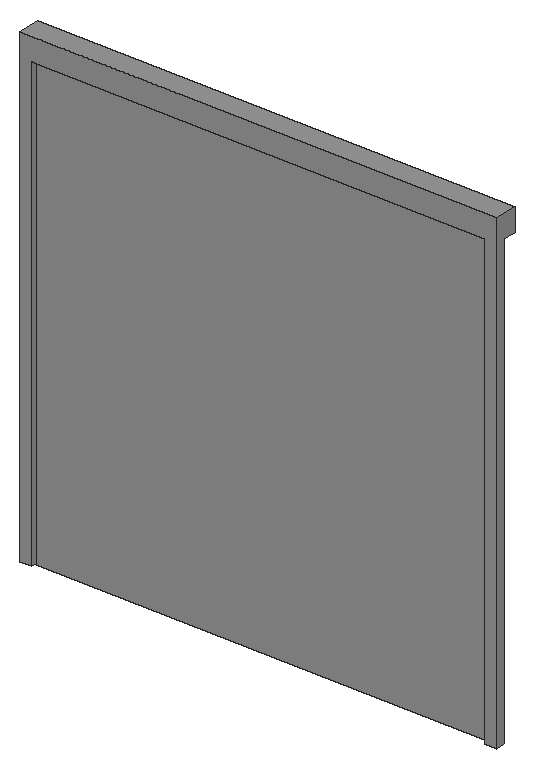
Revit family "protivipozarnae_stora_firetechnics_ei60_120_c_oracheniem_vodoi", category Двери, Revit 2018
Family settings
  Основа = Стена
  Номер OmniClass = 23.30.10.00
  Заголовок OmniClass = Doors
  Всегда вертикально = Да
  При загрузке вырезать с полостями = Нет
  Общий = Нет
  Точка расчета площади = Нет
Parameters (values of type "EI180 (с орошением водой)")
  ширина полотна = Width + 20 mm  # 3020 mm
  ширина верхней балки = 150 mm
  Материал_Лаза = Материал двери-лазейки
  высота направляющей = 60 mm
  Ширина, макс. = "5м"  # constant formula
  Ширина направляющей = 80 mm
  Функция = Внутренние слои
  Скорость опускания шторы = "0,15м/c"  # constant formula
  Разработано = "support@bimlib.ru"  # constant formula
  Полотно_Размещение = высота направляющей / 2  # 30 mm
  Полотно открыто [instance] = yes
  Полотно = 1 mm
  Огнестойкость = "EI180"
  Материал_Полотно = Firetex™ 1100
  Материал_Направляющие = Сталь_оцинкованная_листовая Firetechnics
  Материал_Короб = Сталь_оцинкованная_листовая_2мм_Firetechnics
  Лазейка [instance] = no
  Комментарии к типоразмеру = "Без орошения водой"
  Изготовитель = "Firetechnics"  # constant formula
  Высота, макс. = "6.5м"  # constant formula
  Высота лазейки [instance] = if(Полотно открыто, Height + Высота короба - 32 mm, 1 mm)  # 3118 mm
  Высота короба = 150 mm
  Height = ADSK_Размер_Высота  # 3000 mm
  Замыкание стены = По основе
  Width = ADSK_Размер_Ширина  # 3000 mm
  Видимость [instance] = and(Полотно открыто)  # yes
  Аналитическая конструкция = "<Нет>"
  URL = "https://www.fire-tec.ru"
  ADSK_Размер_Ширина = 3000 mm
  ADSK_Размер_Высота = 3000 mm
  ADSK_Примечание [instance] = ""
  ADSK_Предел огнестойкости = "EI180"
  ADSK_Позиция [instance] = ""
  ADSK_Обозначение = ""
  ADSK_Наименование = "Противопожарная штора FireTechnics EI180 (с орошением водой)"
  ADSK_Масса_Текст = ""
  ADSK_Завод-изготовитель = Изготовитель  # "Firetechnics"
  ADSK_Единица измерения = ""
  ADSK_URL страницы изделия = "https://www.fire-tec.ru/catalog/protivopozharnye-shtory/protivopozharnye-shtory-ei-60-ei-90-ei-120-bez-orosheniya/"
  ADSK_URL документации изделия = ""
Types (3, lengths in mm): name | Материал_Лаза | Полотно открыто | Огнестойкость | Высота лазейки | Видимость | ADSK_Предел огнестойкости | ADSK_Наименование
  EI60 (с орошением водой) | Материал двери-лазейки | no | "EI60" | 1 | no | "EI60" | "Противопожарная штора FireTechnics EI60 (с орошением водой)"
  EI120 (с орошением водой) | none | no | "EI120" | 1 | no | "EI120" | "Противопожарная штора FireTechnics EI120 (с орошением водой)"
  EI180 (с орошением водой) | Материал двери-лазейки | yes | "EI180" | 3118 | yes | "EI180" | "Противопожарная штора FireTechnics EI180 (с орошением водой)"
Reference planes
  plane 1: y = 0
  plane 2 "По центру (Влево/Вправо)": x = 0
  plane 3 "Слева": x = -1500
  plane 4 "Справа": x = 1500
  plane 5: z = 3000
  plane 6 "Наружный": y = 75
  plane 7 "Внутренние": y = -75
  plane 8: x = -1580
  plane 9: x = 1580
  plane 10: y = 135
  plane 11: y = 225
  plane 12: y = 106
  plane 13: y = 105
  plane 14: x = 1510
  plane 15: x = -1510
  plane 16: z = 3150
  plane 17: x = 10
  plane 18: x = -10
  plane 19: z = 0.483
  plane 20: z = 3118.483
Forms (mm)
  Extrusion 1, solid, material "Сталь_оцинкованная_листовая Firetechnics" <- "Материал_Направляющие"
    sketch origin (0, 0, 0) x (1, 0, 0) y (0, 1, 0)
      loop
        line (-1500, 106) -> (-1500, 135) -> (-1580, 135) -> (-1580, 75) -> (-1500, 75) -> (-1500, 105) -> (-1510, 105) -> (-1510, 106) -> (-1500, 106)
    from 0 to 3000
  Extrusion 2, solid, material "Сталь_оцинкованная_листовая Firetechnics" <- "Материал_Направляющие"
    sketch origin (0, 0, 0) x (-1, 0, 0) y (0, -1, 0)
      loop
        line (-1500, -106) -> (-1510, -106) -> (-1510, -105) -> (-1500, -105) -> (-1500, -75) -> (-1580, -75) -> (-1580, -135) -> (-1500, -135) -> (-1500, -106)
    from 0 to 3000
  Extrusion 3, void
    sketch origin (0, 0, 0) x (1, 0, 0) y (0, 1, 0)
      loop
        line (-1500, -75) -> (1500, -75) -> (1500, 75) -> (1735, 75) -> (1735, 225) -> (-1685, 225) -> (-1685, 75) -> (-1500, 75) -> (-1500, -75)
    from 0 to 3000
  Extrusion 4, solid, material "Firetex™ 1100" <- "Материал_Полотно", visible <- "Полотно открыто"
    sketch origin (0, 0, 0) x (1, 0, 0) y (0, 1, 0)
      loop
        line (-1510, 106) -> (-1510, 105) -> (1510, 105) -> (1510, 106) -> (-1510, 106)
    from 0 to 3000
  Extrusion 5, solid, material "Сталь_оцинкованная_листовая Firetechnics" <- "Материал_Направляющие"
    sketch origin (0, 0, 0) x (1, 0, 0) y (0, 1, 0)
      loop
        line (-1580, 225) -> (-1580, 75) -> (1580, 75) -> (1580, 225) -> (-1580, 225)
    from 3000 to 3150
  Extrusion 6, solid, material "Материал двери-лазейки" <- "Материал_Лаза", visible <- "Лазейка"
    sketch origin (0, 75, 0) x (1, 0, 0) y (0, 0, 1)
      loop
        line (10, 3118.483) -> (-10, 3118.483) -> (-10, 0.483) -> (10, 0.483) -> (10, 3118.483)
    from -31.667 to -29.238
Cuts and joins
  joined: Extrusion 1, Extrusion 2, Extrusion 5
Lines and regions (mm)
  symbolic lines, style "Doors"
    curve 1: line (-1510, 135, 0) -> (-1510, 75, 0)
    curve 2: line (1510, 135, 0) -> (1510, 75, 0)
    curve 3: line (-1510, 106, 0) -> (1510, 106, 0)
Text (mm)
  text "Наружный" at (-2295.016, 1099.543, 0), in view "Опорный уровень"
  text "Наружный" at (0, 1615.38, 3698.081), in view "Слева"
  text "Наружный" at (0, 1036.032, 3874.932), in view "Справа"
Dimensions and locks
  equal spacing: plane 3 "Слева", plane 2 "По центру (Влево/Вправо)", plane 4 "Справа"
  "Width": plane 3 "Слева" to plane 4 "Справа"
  "Height": plane 5 to host wall
  host wall to plane 5 = 3000 mm  (x2)
  locked: plane 6 "Наружный" to host wall at 0
  locked: plane 7 "Внутренние" to host wall
  "Высота короба": plane 5 to plane 16
  "Ширина направляющей": plane 8 to plane 3 "Слева"
  "Ширина направляющей": plane 4 "Справа" to plane 9
  "Полотно_Размещение": plane 6 "Наружный" to plane 13
  "Полотно": plane 12 to plane 13
  "высота направляющей": plane 6 "Наружный" to plane 10
  "ширина верхней балки": plane 6 "Наружный" to plane 11
  equal spacing: plane 15, plane 2 "По центру (Влево/Вправо)", plane 14
  "ширина полотна": plane 15 to plane 14
  equal spacing: plane 17, plane 2 "По центру (Влево/Вправо)", plane 18
  locked: plane 18 to plane 17 at 20
  locked: Extrusion 6 to plane 12 at 0.667
  locked: Extrusion 6 to plane 13 at 0.762
  locked: plane 20 to plane 16 at 31.517
  "Высота лазейки": plane 19 to plane 20
  aligned and locked: host wall to plane 1
  aligned and locked: Extrusion 1 sketch curve to plane 12
  aligned and locked: plane 13 to Extrusion 1 sketch curve
  aligned and locked: plane 10 to Extrusion 1 sketch curve
  aligned and locked: Extrusion 1 sketch curve to plane 3 "Слева"  (x2)
  aligned and locked: Extrusion 1 sketch curve to plane 8
  aligned and locked: plane 6 "Наружный" to Extrusion 1 sketch curve
  aligned and locked: plane 10 to Extrusion 2 sketch curve
  aligned and locked: Extrusion 2 sketch curve to plane 4 "Справа"  (x2)
  aligned and locked: Extrusion 2 sketch curve to plane 12
  aligned and locked: plane 13 to Extrusion 2 sketch curve
  aligned and locked: Extrusion 2 sketch curve to plane 9
  aligned and locked: Extrusion 2 sketch curve to plane 6 "Наружный"
  aligned and locked: plane 15 to Extrusion 1 sketch curve
  aligned and locked: Extrusion 2 to plane 14
  aligned and locked: Extrusion 3 sketch curve to Extrusion 1
  aligned and locked: Extrusion 3 sketch curve to host wall
  aligned and locked: plane 4 "Справа" to Extrusion 3 sketch curve
  aligned and locked: Extrusion 3 to plane 5
  aligned and locked: Extrusion 4 sketch curve to Extrusion 1
  aligned and locked: plane 15 to Extrusion 4 sketch curve
  aligned and locked: Extrusion 4 sketch curve to Extrusion 2  (x2)
  aligned and locked: Extrusion 2 to plane 5
  aligned and locked: Extrusion 1 to plane 5
  aligned and locked: Extrusion 5 to plane 16
  aligned and locked: Extrusion 4 to plane 5
  aligned and locked: plane 5 to Extrusion 5
  aligned and locked: plane 9 to Extrusion 5
  aligned and locked: Extrusion 5 to plane 8
  aligned and locked: curve 3 to plane 12
  aligned and locked: curve 2 to plane 14
  aligned and locked: plane 17 to Extrusion 6 sketch curve
  aligned and locked: Extrusion 6 sketch curve to plane 18
  aligned and locked: plane 20 to Extrusion 6
  aligned and locked: Extrusion 6 to plane 19
Automatic sketch dimensions
  Extrusion 2 sketch curve to Extrusion 2 sketch curve = 10 mm
  Extrusion 3 sketch curve to plane 11 = 0 mm
  Extrusion 3 sketch curve to plane 8 = 105 mm
  plane 9 to Extrusion 3 sketch curve = 155 mm
  Extrusion 3 sketch curve to host wall = 0 mm  (x2)
  Extrusion 5 sketch curve to host wall = 0 mm
  Extrusion 5 sketch curve to plane 8 = 0 mm
  plane 9 to Extrusion 5 sketch curve = 0 mm
  Extrusion 5 sketch curve to plane 11 = 0 mm
  Extrusion 6 sketch curve to Extrusion 6 sketch curve = 3118 mm
  curve 1 to host wall = 0 mm
  curve 1 to plane 15 = 0 mm
  curve 2 to host wall = 0 mm
  plane 10 to curve 2 = 0 mm
  curve 1 to plane 10 = 0 mm
  level to Extrusion 6 sketch curve = 0.483 mm
